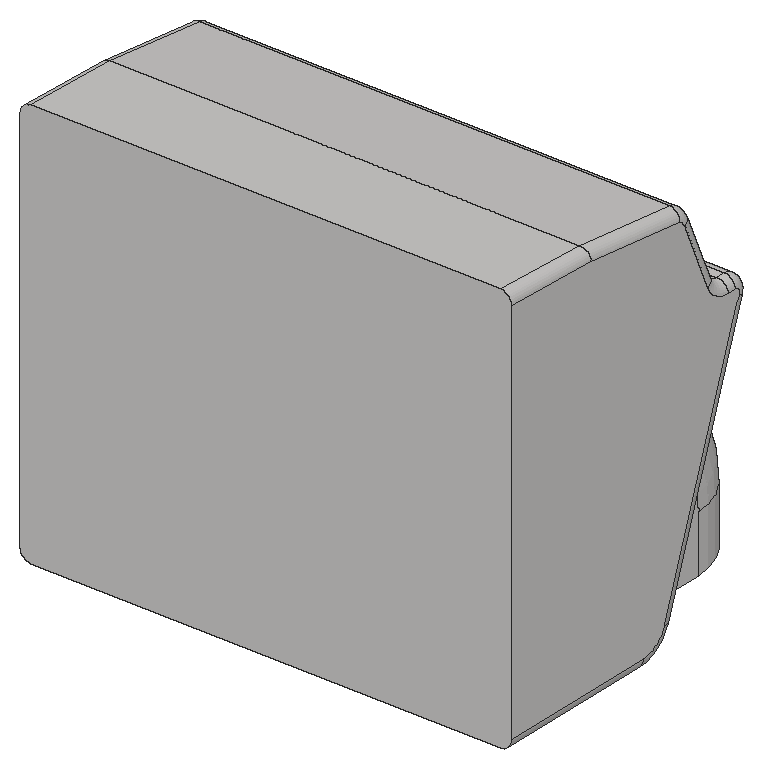
Revit family
Parameters (values of type "As Specified")
  Warranty Duration (Years) = 5
  Voltage_MEP = 120 V
  Unit Width = 0' - 0"
  Unit Height = 0' - 0"
  Unit Depth = 0' - 0"
  URL = "http://www.worlddryer.com/"
  Specification = "http://www.arcat.com/sdspecs/htm/10811wdr.htm"
  Send Message = "http://www.arcat.com/users.pl?action=UserEmail&company=World%20Dryer%20Corp.&coid=36616&rep=111&fax=708-449-6958&mf="
  Sales Information = "http://www.worlddryer.com/find-a-distributor"
  Reqd Wire Gauge = 14
  Manufacturer Phone - Toll Free = "800-323-0701 "
  MEP Apparent Power [instance] = Voltage_MEP * MEP Amperage  # 1500 VA
  MEP Amperage = 12.5 A
  Insrtloc = 0' - 0 1/8"
  Product Properties = "http://www.arcat.com/bim/bim_info.pl?fn=WorldDryer"
  Product Data = "http://www.arcat.com/arcatcos/cos36/arc36616.html"
  Opening Offset = 0' - 10"
  Mounting Height [instance] = 3' - 1"
  Motor = "Motor shall be universal type, 1/10 HP at 7500 RPM"
  Model = "As Specified in 10 28 00"
  Manufacturer Website = "http://www.worlddryer.com/"
  Manufacturer Phone = "708-449-6950 "
  Manufacturer Fax = "708-449-6958"
  Manufacturer Address = "5700 McDermott Dr., Berkeley, IL 60163-1102"
  Manufacturer = "World Dryer Corp."
  Maintenance Schedule (Months) = 0
  Keynote = "10 28 00"
  Installation-Fabrication = "http://www.worlddryer.com/all-hand-dryers"
  Installation Phase = "Interior Fittings"
  Heating Element = "Incorporates a 2100 (optional 1500) watt Nichrome wire heating element Protected by an automatic-resetting, thermal cutoff"
  Hardware Finish = Polished Stainless Steel
  Green Building-LEED = "http://www.arcat.com/green/clients/leed_data_36616.html"
  Frequency = 60 Hz
  Expected Lifespan (Years) = 0
  Drawn By = "Robert S. Weygant, CSI, CDT, SCIP"
  Description = "Hand Dryer as Specified in 10 28 00"
  Cover Material = No. 4 Brushed Finish
  Copyright = "2010, ARCAT, Inc."
  Construction Details = "http://www.arcat.com/details/worlddry/worlddry.html?coid=36616"
  Assembly Code = "C1030210"
  Air Temperature = "70°F"
  Air Output = "Dryers shall deliver 154 cubic feet per minute of air volume (7300 LFM)"
  Actuation = "Automatic"
  ADA Compliant [instance] = no
Reference planes (in)
  plane 1: y = 0
  plane 2 "Center (Left/Right)": x = 0.046804
  plane 3 "Wall Edge": y = 4
  plane 4: y = 14
  plane 5: z = 37
  plane 6 "Connection Plane": y = 3.875
  plane 7: z = 27
Forms (in)
  Extrusion 1, solid, material "Stainless Steel - 22 ga 18-8 Type 304", visible <- "ADA Compliant"
    sketch origin (0, 3.875, 0) x (-1, 0, 0) y (0, 0, 1)
      loop
        line (-0.921804, 40.875) -> (-0.921804, 37.125) -> (0.828196, 37.125) -> (0.828196, 40.875) -> (-0.921804, 40.875)
    from 0.2610408 to 0.1310613
Text (in)
  text "Interior" at (0, 40.1514891, 123.0158834), in view "A 203 - Side Elevation"
  text "Interior" at (-70.3804009, 41.2888511, 0), in view "A-101 Plan View"
  text "Interior" at (0, 81.6255543, 140.5994741), in view "Left"
  text "Exterior" at (-70.3804009, -27.0421791, 0), in view "A-101 Plan View"
  text "Exterior" at (0, -34.7508597, 140.5994741), in view "Left"
  text "Exterior" at (0, -52.2472472, 123.0158834), in view "A 203 - Side Elevation"
Dimensions and locks (in)
  host wall to plane 3 "Wall Edge" = 0' - 0"
  "Mounting Height": plane 5 to level
  "Insrtloc": plane 6 "Connection Plane" to plane 3 "Wall Edge"
  "Opening Offset": plane 7 to plane 5
  locked: Extrusion 1 to Extrusion 1 at 0.1299796
  aligned and locked: plane 3 "Wall Edge" to host wall
  aligned and locked: nested 1 to plane 2 "Center (Left/Right)"
  aligned and locked: nested 1 to plane 3 "Wall Edge"
  aligned and locked: nested 1 to plane 5
Automatic sketch dimensions
  Extrusion 1 sketch curve to plane 5 = 0' - 0 1/8"
  plane 2 "Center (Left/Right)" to Extrusion 1 sketch curve = 0' - 0 7/8"
  Extrusion 1 sketch curve to plane 2 "Center (Left/Right)" = 0' - 0 7/8"
  Extrusion 1 sketch curve to Extrusion 1 sketch curve = 0' - 3 3/4"
Nested families (in)
  nested 1: "World Dryer_Component_Surface Mounted" at (0.046804, 4, 37) x (-1, 0, 0) z (0, 0, 1), type "World Dryer_Component_Surface Mounted"
Connectors (in)
  electrical at (0.046804, 4.0060613, 39), driven by "Voltage_MEP", driven by "MEP Apparent Power"
    settings: on Extrusion 1, index 1
Definition of nested family "World Dryer_Component_Surface Mounted"
  Parameters (values of type "World Dryer_Component_Surface Mounted")
    Hardware Finish = Polished Stainless Steel
    Cover Material = No. 4 Brushed Finish
    Assembly Code = ""
  Reference planes (in)
    plane 1 "Center (Front/Back)": y = 0
    plane 2: z = 0
    plane 3 "Center (Left/Right)": x = 0
    plane 4: z = 9.5
    plane 5: y = -8.33
    plane 6: x = 5.6875
    plane 7: x = -5.6875
    plane 8: z = 0
  Forms (in)
    Extrusion 1, solid, material "No. 4 Brushed Finish" <- "Cover Material"
      sketch origin (0, 0, 0) x (0, 1, 0) y (0, 0, 1)
        loop
          line (0, 9.5) -> (-2.2854202, 9.4060263)
          arc (-2.2854202, 9.4060263) -> (-3.5847828, 9.3001474) -> (-4.8714403, 9.0902286) r 16.2151335
          arc (-4.8714403, 9.0902286) -> (-5.0874365, 8.9876449) -> (-5.2310961, 8.7964914) r 0.5
          line (-5.2310961, 8.7964914) -> (-5.8998823, 7.2279229)
          arc (-5.8998823, 7.2279229) -> (-6.0381106, 7.0621271) -> (-6.2448364, 7) r 0.375
          line (-6.2448364, 7) -> (-6.4543103, 7)
          arc (-6.4543103, 7) -> (-6.7616784, 6.8398252) -> (-6.8064724, 6.4961326) r 0.375
          line (-6.8064724, 6.4961326) -> (-4.65236, 0.6094875)
          arc (-4.65236, 0.6094875) -> (-4.3122783, 0.167474) -> (-3.7803159, 0) r 0.9285965
          line (-3.7803159, 0) -> (0, 0) -> (0, 9.5)
      from -5.6875 to 5.6875
    Sweep 2, solid, material "Polished Stainless Steel" <- "Hardware Finish"
      path origin (0, 0, 0) x (0, 1, 0) y (0, 0, 1)
        loop
          line (-6.4317468, 0.3909981) -> (-6.4317468, 1.7083247)
          arc (-6.4317468, 1.7083247) -> (-6.1674364, 2.5366049) -> (-5.472214, 3.058691) r 1.4299628
      profile origin (0, -6.4317468, 1.0496614) x (0, -1, 0) y (1, 0, 0)
        loop
          line (0, -4.6875) -> (0.2112717, -4.6875)
          arc (0.2112717, -4.6875) -> (1.8987717, -3) -> (0.2112717, -1.3125) r 1.6875
          line (0.2112717, -1.3125) -> (0, -1.3125) -> (0, -4.6875)
    Extrusion 3, solid, material "Polished Stainless Steel" <- "Hardware Finish"
      sketch origin (-4.6875, -6.6430185, 0.3909981) x (0, 0, 1) y (0, 1, 0)
        loop
          line (0, 0.2112717) -> (1.3173265, 0.2112717)
          arc (1.3173265, 0.2112717) -> (2.1161065, 0.455172) -> (2.6424001, 1.1036717) r 1.4299628
          line (2.6424001, 1.1036717) -> (0, 2.0706108) -> (0, 0.2112717)
      from -3.375 to 0
    Sweep 4, void
      path origin (0, 0, 0) x (0, 1, 0) y (0, 0, 1)
        loop
          line (0.2790648, 0) -> (-3.7803159, 0)
          arc (-3.7803159, 0) -> (-4.3122783, 0.167474) -> (-4.65236, 0.6094875) r 0.9285965
          line (-4.65236, 0.6094875) -> (-6.8064724, 6.4961326)
          arc (-6.8064724, 6.4961326) -> (-6.7616784, 6.8398252) -> (-6.4543103, 7) r 0.375
          line (-6.4543103, 7) -> (-6.2448364, 7)
          arc (-6.2448364, 7) -> (-6.0381106, 7.0621271) -> (-5.8998823, 7.2279229) r 0.375
          line (-5.8998823, 7.2279229) -> (-5.2310961, 8.7964914)
          arc (-5.2310961, 8.7964914) -> (-5.0874365, 8.9876449) -> (-4.8714403, 9.0902286) r 0.5
          arc (-4.8714403, 9.0902286) -> (-3.5847828, 9.3001474) -> (-2.2854202, 9.4060263) r 16.2151335
          line (-2.2854202, 9.4060263) -> (0.2790648, 9.5114748)
      profile origin (0, 0.2790648, 0) x (0, 0, -1) y (1, 0, 0)
        loop
          arc (0, -5.4375) -> (-0.0732233, -5.6142767) -> (-0.25, -5.6875) r 0.25
          line (-0.25, -5.6875) -> (0, -5.6875) -> (0, -5.4375)
    Sweep 5, void
      path origin (0, 0, 0) x (0, 1, 0) y (0, 0, -1)
        loop
          line (0.2790648, 0) -> (-3.7803159, 0)
          arc (-3.7803159, 0) -> (-4.3122783, -0.167474) -> (-4.65236, -0.6094875) r 0.9285965
          line (-4.65236, -0.6094875) -> (-6.8064724, -6.4961326)
          arc (-6.8064724, -6.4961326) -> (-6.7616784, -6.8398252) -> (-6.4543103, -7) r 0.375
          line (-6.4543103, -7) -> (-6.2448364, -7)
          arc (-6.2448364, -7) -> (-6.0381106, -7.0621271) -> (-5.8998823, -7.2279229) r 0.375
          line (-5.8998823, -7.2279229) -> (-5.2310961, -8.7964914)
          arc (-5.2310961, -8.7964914) -> (-5.0874365, -8.9876449) -> (-4.8714403, -9.0902286) r 0.5
          arc (-4.8714403, -9.0902286) -> (-3.5847828, -9.3001474) -> (-2.2854202, -9.4060263) r 16.2151335
          line (-2.2854202, -9.4060263) -> (0.2790648, -9.5114748)
      profile origin (0, 0.2790648, 0) x (0, 0, 1) y (-1, 0, 0)
        loop
          line (0, -5.4375) -> (0, -5.6875) -> (0.25, -5.6875)
          arc (0.25, -5.6875) -> (0.0732233, -5.6142767) -> (0, -5.4375) r 0.25
    Extrusion 6, solid, material "No. 4 Brushed Finish" <- "Cover Material"
      sketch origin (0, -8.0958924, 6.3153038) x (0, -0.389137, -0.92118) y (1, 0, 0)
        loop
          line (-3.2911409, -4.5625) -> (-1.6593988, -4.5625) -> (-1.6593988, 4.5625) -> (-3.2911409, 4.5625) -> (-3.2911409, -4.5625)
      from -1.6838895 to -1.6283218
  Cuts and joins
    joined: Sweep 2, Extrusion 3
    Sweep 4, Sweep 5 cuts Extrusion 1
  Dimensions and locks (in)
    plane 4 to plane 2 = 0' - 9 1/2"
    plane 1 "Center (Front/Back)" to plane 5 = 0' - 8.33"
    plane 6 to plane 7 = 0' - 11 3/8"
    Sweep 2 sketch curve to Sweep 2 sketch curve to profile plane = 0' - 3 3/8", 0' - 1 5/16"
    equal spacing: Extrusion 6 sketch curve, plane 3 "Center (Left/Right)", Extrusion 6 sketch curve
    aligned and locked: plane 1 "Center (Front/Back)" to Extrusion 1 sketch curve  (x2)
    aligned and locked: plane 2 to Extrusion 1 sketch curve  (x2)
    aligned and locked: Extrusion 1 to plane 7
    aligned and locked: Extrusion 1 to plane 6
    aligned and locked: Sweep 4 sketch curve to plane 7
    aligned and locked: level to Sweep 4 sketch curve
    aligned and locked: plane 3 "Center (Left/Right)" to text3d elem
